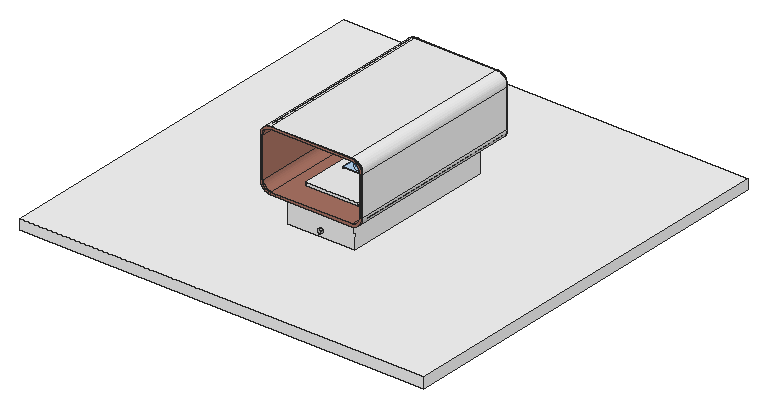
Revit family "BE_50349.6_de_DE", category Leuchten, Revit 2020
Family settings
  Basisbauteil = Fläche
  Bemaßung runder Anschluss = Durchmesser verwenden
  Teiletyp = Normal
  Beim Laden mit Abzugskörper schneiden = Ja
  Lichtquelle = Ja
  Gemeinsam genutzt = Nein
  Raumberechnungspunkt = Ja
Parameters (values of type "BEGA_50349.6_K3")
  built-in parameter 1150104 = 8.7329 (stored number, unit not read)
  Wattage = 10 W
  Default Elevation = 0 mm
  built-in parameter 1150113 = 1 (stored number, unit not read)
  built-in parameter 1114218 = 1 (stored number, unit not read)
  Umgebungstemperatur = "25 °C"
  URL = "https://www.bega.com/de/produkt/50349.6"
  Typenkommentare = "© 2022 BEGA. Wir behalten uns das Recht vor, technische Änderungen ohne vorherige Ankündigung vorzunehmen."  # constant formula
  built-in parameter 1150134 = (empty or 0)
  built-in parameter 1150109 = 1 (stored number, unit not read)
  built-in parameter 1150110 = 1 (stored number, unit not read)
  Spannung = 230 V
  Sonderanfertigung = no
  Seriennummer [instance] = "Hier können Sie die eindeutige Seriennummer für das Facility Management eintragen."
  Schutzklasse = "I"
  Scheinlast = 0 VA
  Produktdatenblatt = "https://cdn.bega.com/bega/products/50349.6K3/current/documents/data-sheets/de"
  Neigungswinkel = 0.00°
  Modell = "50349.6K3"
  Material_34 = BEGA_Oberfläche_Samtweiss_matt
  Material_29 = BEGA_Oberfläche_Kupfer_matt
  Material_17 = BEGA_Reflektor
  Material_15 = BEGA_Leuchtmedium_matt
  Material_13 = BEGA_Kunststoff_matt
  Material_08 = BEGA_Oberfläche_Stahl_verzinkt
  Material_06 = BEGA_Oberfläche_Edelstahl_gebürstet
  Material_03 = BEGA_Oberfläche_Weiss_matt
  M_W = no
  M_G = no
  M_A = no
  Logo = 0
  built-in parameter 1114217 = 1 (stored number, unit not read)
  built-in parameter 1150139 = (empty or 0)
  built-in parameter 1150105 = 74.803 (stored number, unit not read)
  built-in parameter 1150114 = 1 (stored number, unit not read)
  Lumens = 940 lm
  built-in parameter 1150115 = 1 (stored number, unit not read)
  Leuchtenlichtstrom = "168 lm"
  Lebensdauerkriterien = "L70B50 @ 25 °C = 90000 h"
  Lastklassifizierung = Beleuchtung
  built-in parameter 1150112 = 1 (stored number, unit not read)
  Lampenlichtstrom = "940 lm"
  Lampe = "LED 10 W"
  LED_Modulbezeichnung = "LED-0607/930"
  Hersteller = "BEGA"  # constant formula
  Gewicht = "0.65 kg"
  Frequenz = "50/60 Hz"
  Farbwiedergabeindex = "CRI > 90"
  Farbtemperaturverschiebung bei Dämpfen der Lampe = <Keine Auswahl>
  Farbtemperatur = "3000 K"
  Color Filter = 16777215
  built-in parameter 1150133 = 10 (stored number, unit not read)
  Energieeffizienzklasse = "LED A++ - A"
  built-in parameter 1150137 = (empty or 0)
  built-in parameter 1150132 = (empty or 0)
  ENEC = "ja"
  Dimmbar [instance] = "on/off"
  Datei für fotometrisches Netz = "BE_50349-6K3.ies"
  CE_Konformität = "ja"
  Bestellnummer = "50349.6K3"
  Beschreibung_Sonderanfertigung = "Hier können Sie Informationen zur Sonderanfertigung eintragen."
  Beschreibung = "Wandleuchte"
  built-in parameter 1150106 = 0.74803 (stored number, unit not read)
  Befestigungsbohrung = "Ø 4,5 mm"
  Befestigungsabstand = "90 x 38 mm"
  BEGA_Intern_aus = yes
  BEGA_Intern_an = yes
  BEGA_Intern_Konstruktion = yes
  BEGA_Intern = yes
  BEGA_IES = yes
  BEGA_Dummy = no
  Anschlussleistung [instance] = "10 W"
  built-in parameter 1150107 = 3000 (stored number, unit not read)
  built-in parameter 1150102 = (empty or 0)
  built-in parameter 1150138 = (empty or 0)
  Aktualisierung = "2022-12-21T04:00:03"
  AC/DC = "AC"
Reference planes
  plane 1 "Mitte (Vorne/Hinten)": y = 0
  plane 2: z = 0
  plane 3 "Mitte (Links/Rechts)": x = 0
  plane 4 "Links": x = -50.003
  plane 5 "Rechts": x = 50.003
  plane 6 "Unten": y = -90
  plane 7 "Oben": y = 90
  plane 8 "Vorne": z = 88.999
  plane 9 "Hinten": z = 0
Forms (mm)
  Extrusion 1, solid, material "BEGA_Platte_Weiss"
    sketch origin (0, -1119.2, 0) x (1, 0, 0) y (0, 1, 0)
      loop
        line (-200, 1319.2) -> (-200, 919.2) -> (200, 919.2) -> (200, 1319.2) -> (-200, 1319.2)
    from 0 to -10
  Extrusion 2, solid, material "BEGA_Dummy_matt", visible <- "BEGA_Dummy"
    sketch origin (80.095, -76.023, 0) x (1, 0, 0) y (0, 1, 0)
      loop
        line (-130.098, 166.023) -> (-130.098, -13.977) -> (-30.093, -13.977) -> (-30.093, 166.023) -> (-130.098, 166.023)
    from 0 to 88.999
Dimensions and locks
  plane 1 "Mitte (Vorne/Hinten)" to Extrusion 1 = 200 mm
  aligned and locked: Extrusion 1 to plane 2
  aligned and locked: Extrusion 1 to level
Nested families
  nested 1: "BE_50349.6_Leuchte" at (0, 0, 0), type "BE_50349.6_Leuchte"
Connectors
  electrical at (0, 0, 0), driven by "Lastklassifizierung", driven by "Spannung", driven by "Scheinlast"
    settings: index 1, voltage 230 V, apparent load 0 VA, apparent load phase1 0 VA, apparent load phase2 0 VA, apparent load phase3 0 VA, power factor 1, load classification "Beleuchtung", number of poles 1, system type 31, power factor state 1, is connector primary yes, connector utility no, sub classification motor no, connector description ""
Definition of nested family "BE_50349.6_Leuchte"
  Parameters (values of type "BE_50349.6_Leuchte")
    Default Elevation = 1 mm
    URL = "http://www.bega.de/de/produkt"
    Type Comments = "© 2015 BEGA. Wir behalten uns das Recht vor, technische Änderungen ohne vorherige Ankündigung vorzunehmen. "  # constant formula
    Type Image = (empty or 0)
    Neigungswinkel_um_Z2 = 0.00°
    Neigungswinkel_um_Z1 = 0.00°
    Neigungswinkel_um_Y2 = 0.00°
    Neigungswinkel_um_Y1 = 0.00°
    Neigungswinkel_um_X2 = 0.00°
    Neigungswinkel_um_X1 = 0.00°
    Material_34 = none
    Material_29 = none
    Material_17 = none
    Material_15 = none
    Material_13 = none
    Material_08 = none
    Material_06 = none
    Material_03 = none
    M_W = yes
    M_G = yes
    M_A = yes
    Länge_Platte = 200 mm  # constant formula
    Höhe_Platte = -10 mm  # constant formula
    Manufacturer = "BEGA"  # constant formula
    Drehwinkel_um_Z2 = 0.00°
    Drehwinkel_um_Z1 = 0.00°
    Breite_Platte = 350 mm  # constant formula
  Reference planes
    plane 1 "Mitte (Oben/Unten)": y = 0
    plane 2: z = 0
    plane 3 "Mitte (Links/Rechts)": x = 0
    plane 4: x = -50.003
    plane 5: z = 88.999
    plane 6: x = 50.003
    plane 7: y = -90
    plane 8: y = 90
  Forms (mm)
    Extrusion 1, solid, detail levels medium
      sketch origin (0, 0, 0) x (1, 0, 0) y (0, 1, 0)
        loop
          line (-100, 175) -> (-100, -175) -> (100, -175) -> (100, 175) -> (-100, 175)
      from 0 to -10 <- "Höhe_Platte"
    Extrusion 2, solid, material <- "Material_34", detail levels medium+fine
      sketch origin (0, 0, 0) x (1, 0, 0) y (0, 0, 1)
        loop
          line (-33, 0) -> (-30, 0) -> (-29.11, 25.5) -> (29.11, 25.5) -> (30, 0) -> (33, 0) -> (32.494, 29) -> (-32.494, 29) -> (-33, 0)
      from -77.472 to 77.461
    Extrusion 3, solid, material <- "Material_34", detail levels medium+fine
      sketch origin (0, 0, 0) x (1, 0, 0) y (0, 0, 1)
        loop
          line (-32.494, 29) -> (-33, 0) -> (33, 0) -> (32.494, 29) -> (-32.494, 29)
      from 72.594 to 77.461
    Revolve 4, solid, material <- "Material_06", detail levels fine
      sketch origin (0, 0, 0) x (0, 1, 0) y (0, 0, 1)
        loop
          line (-79.5, 8) -> (-79.5, 6) -> (-65.557, 6) -> (-67, 8.5) -> (-76.888, 8.5) -> (-77.551, 8) -> (-79.5, 8)
        axis (-79.5, 6) -> (-65.557, 6)
      angle from 0 to 360
    Extrusion 5, void
      sketch origin (0, 0, 0) x (0, 1, 0) y (0, 0, 1)
        loop
          line (-64.955, 28.8) -> (32, 28.8) -> (32, 36.628) -> (-64.955, 36.628) -> (-64.955, 28.8)
      from -18.781 to 18.7
    Extrusion 6, solid, material <- "Material_03", detail levels medium+fine
      sketch origin (0, 0, 0) x (1, 0, 0) y (0, 1, 0)
        loop
          arc (-25.175, 31.174) -> (-25.884, 30.88) -> (-26.174, 30.169) r 1
          line (-26.174, 30.169) -> (-26.174, -63.169)
          arc (-26.174, -63.169) -> (-25.884, -63.88) -> (-25.175, -64.174) r 1
          line (-25.175, -64.174) -> (25.175, -64.174)
          arc (25.175, -64.174) -> (25.884, -63.88) -> (26.174, -63.169) r 1
          line (26.174, -63.169) -> (26.174, 30.169)
          arc (26.174, 30.169) -> (25.884, 30.88) -> (25.175, 31.174) r 1
          line (25.175, 31.174) -> (-25.175, 31.174)
      from 29 to 33.659
    Revolve 7, solid, material <- "Material_13", detail levels medium+fine
      sketch origin (0, 0, 0) x (1, 0, 0) y (0, 0, 1)
        loop
          arc (0, 53.1) -> (-1.403, 53.04) -> (-2.796, 52.861) r 16.458
          arc (-2.796, 52.861) -> (-10.16, 49.425) -> (-14.774, 42.736) r 15.5
          arc (-14.774, 42.736) -> (-15.878, 38.48) -> (-16.25, 34.1) r 26.067
          line (-16.25, 34.1) -> (16.25, 34.1)
          arc (16.25, 34.1) -> (15.878, 38.48) -> (14.774, 42.736) r 26.067
          arc (14.774, 42.736) -> (10.16, 49.425) -> (2.796, 52.861) r 15.5
          arc (2.796, 52.861) -> (1.403, 53.04) -> (0, 53.1) r 16.458
        axis (-16.25, 22.6) -> (16.25, 22.6)
      angle from -90 to 90
    Extrusion 8, void
      sketch origin (0, 0, 0) x (1, 0, 0) y (0, 0, 1)
        loop
          line (-17.179, 34.1) -> (-17.179, 21.958) -> (17.732, 21.958) -> (17.732, 34.1) -> (-17.179, 34.1)
      from -33.074 to 32.529
    Extrusion 9, solid, material <- "Material_13", detail levels medium+fine
      sketch origin (0, 0, 0) x (1, 0, 0) y (0, 1, 0)
        loop
          line (15.275, 29.714) -> (-15.273, 29.714)
          arc (-15.273, 29.714) -> (-16.848, 29.155) -> (-17.714, 27.726) r 2.489
          line (-17.714, 27.726) -> (-17.714, -27.725)
          arc (-17.714, -27.725) -> (-16.849, -29.154) -> (-15.275, -29.714) r 2.489
          line (-15.275, -29.714) -> (15.273, -29.714)
          arc (15.273, -29.714) -> (16.848, -29.155) -> (17.714, -27.725) r 2.489
          line (17.714, -27.725) -> (17.714, 27.725)
          arc (17.714, 27.725) -> (16.849, 29.154) -> (15.275, 29.714) r 2.489
      from 33.9 to 34.723
    Extrusion 10, solid, material <- "Material_15", detail levels medium+fine
      sketch origin (0, 0, 0) x (1, 0, 0) y (0, 1, 0)
        loop
          line (-12.286, 19.048) -> (-12.286, -19.776) -> (12.491, -19.776) -> (12.491, 19.048) -> (-12.286, 19.048)
      from 31.843 to 33.9
    Extrusion 11, solid, material <- "Material_08", detail levels medium+fine
      sketch origin (0, 0, 0) x (0, 1, 0) y (0, 0, 1)
        loop
          line (-68.164, 9.636) -> (-62.614, 4.086)
          arc (-62.614, 4.086) -> (-61.965, 3.652) -> (-61.2, 3.5) r 2
          line (-61.2, 3.5) -> (66.8, 3.5)
          arc (66.8, 3.5) -> (67.561, 3.651) -> (68.208, 4.08) r 2
          line (68.208, 4.08) -> (73.174, 9.045) -> (71.75, 10.45) -> (66.8, 5.5) -> (-61.2, 5.5) -> (-66.75, 11.05) -> (-68.164, 9.636)
      from -27.928 to 28.002
    Extrusion 12, void
      sketch origin (0, 0, 0) x (1, 0, 0) y (0, 1, 0)
        loop
          arc (20.75, 46.05) -> (23, 48.3) -> (20.75, 50.55) r 2.25
          line (20.75, 50.55) -> (17.25, 50.55)
          arc (17.25, 50.55) -> (15, 48.3) -> (17.25, 46.05) r 2.25
          line (17.25, 46.05) -> (20.75, 46.05)
        loop
          line (7, 42.3) -> (-7, 42.3)
          arc (-7, 42.3) -> (-12.5, 36.8) -> (-7, 31.3) r 5.5
          line (-7, 31.3) -> (7, 31.3)
          arc (7, 31.3) -> (12.5, 36.8) -> (7, 42.3) r 5.5
        loop
          arc (-21.25, -42.95) -> (-19, -45.2) -> (-16.75, -42.95) r 2.25
          line (-16.75, -42.95) -> (-16.75, -39.45)
          arc (-16.75, -39.45) -> (-19, -37.2) -> (-21.25, -39.45) r 2.25
          line (-21.25, -39.45) -> (-21.25, -42.95)
      from 0 to 7
    Extrusion 13, solid, material <- "Material_34", detail levels medium+fine
      sketch origin (0, 0, 0) x (1, 0, 0) y (0, 0, -1)
        loop
          line (-32.494, -29) -> (32.494, -29) -> (33, 0) -> (-33, 0) -> (-32.494, -29)
      from 72.594 to 77.472
    Extrusion 14, solid, material <- "Material_29", detail levels medium+fine
      sketch origin (0, 0, 0) x (1, 0, 0) y (0, 0, -1)
        loop
          line (-40.004, -88.999) -> (40.085, -88.999)
          arc (40.085, -88.999) -> (47.602, -85.594) -> (50, -77.698) r 10
          line (50, -77.698) -> (50, -39)
          arc (50, -39) -> (47.071, -31.929) -> (40, -29) r 10
          line (40, -29) -> (-40.161, -29)
          arc (-40.161, -29) -> (-47.13, -31.985) -> (-50.003, -39) r 10.001
          line (-50.003, -39) -> (-50.003, -79.001)
          arc (-50.003, -79.001) -> (-47.074, -86.071) -> (-40.004, -88.999) r 9.998
        loop
          arc (-47.998, -78.999) -> (-45.654, -84.658) -> (-39.996, -87.001) r 8.002
          line (-39.996, -87.001) -> (40, -87)
          arc (40, -87) -> (45.657, -84.657) -> (48, -79) r 8
          line (48, -79) -> (48, -39)
          arc (48, -39) -> (45.657, -33.343) -> (40, -31) r 8
          line (40, -31) -> (-40, -31)
          arc (-40, -31) -> (-45.722, -33.409) -> (-47.998, -39.185) r 8
          line (-47.998, -39.185) -> (-47.998, -78.999)
      from 89.2 to 90
    Extrusion 15, solid, material <- "Material_29", detail levels medium+fine
      sketch origin (0, 0, 0) x (1, 0, 0) y (0, 0, 1)
        loop
          arc (-40.004, 88.999) -> (-47.074, 86.071) -> (-50.003, 79.001) r 9.998
          line (-50.003, 79.001) -> (-50.003, 39)
          arc (-50.003, 39) -> (-47.13, 31.985) -> (-40.161, 29) r 10.001
          line (-40.161, 29) -> (40, 29)
          arc (40, 29) -> (47.071, 31.929) -> (50, 39) r 10
          line (50, 39) -> (50, 77.698)
          arc (50, 77.698) -> (47.602, 85.594) -> (40.085, 88.999) r 10
          line (40.085, 88.999) -> (-40.004, 88.999)
        loop
          line (-47.998, 78.999) -> (-47.998, 39.185)
          arc (-47.998, 39.185) -> (-45.722, 33.409) -> (-40, 31) r 8
          line (-40, 31) -> (40, 31)
          arc (40, 31) -> (45.657, 33.343) -> (48, 39) r 8
          line (48, 39) -> (48, 79)
          arc (48, 79) -> (45.657, 84.657) -> (40, 87) r 8
          line (40, 87) -> (-39.996, 87.001)
          arc (-39.996, 87.001) -> (-45.654, 84.658) -> (-47.998, 78.999) r 8.002
      from 89.2 to 90
    Extrusion 16, solid, material <- "Material_29", detail levels medium+fine
      sketch origin (0, -90, 0) x (1, 0, 0) y (0, 0, 1)
        loop
          arc (-39.996, 87.001) -> (-45.654, 84.658) -> (-47.998, 78.999) r 8.002
          line (-47.998, 78.999) -> (-47.998, 39.185)
          arc (-47.998, 39.185) -> (-45.722, 33.409) -> (-40, 31) r 8
          line (-40, 31) -> (40, 31)
          arc (40, 31) -> (45.657, 33.343) -> (48, 39) r 8
          line (48, 39) -> (48, 79)
          arc (48, 79) -> (45.657, 84.657) -> (40, 87.001) r 8
          line (40, 87.001) -> (-39.996, 87.001)
        loop
          line (-48.898, 78.999) -> (-48.898, 39.195)
          arc (-48.898, 39.195) -> (-46.362, 32.776) -> (-40, 30.1) r 8.9
          line (-40, 30.1) -> (40, 30.1)
          arc (40, 30.1) -> (46.293, 32.707) -> (48.9, 39) r 8.9
          line (48.9, 39) -> (48.9, 79.184)
          arc (48.9, 79.184) -> (46.229, 85.359) -> (40, 87.901) r 8.902
          line (40, 87.901) -> (-39.996, 87.901)
          arc (-39.996, 87.901) -> (-46.291, 85.294) -> (-48.898, 78.999) r 8.902
      from -0.8 to -179.2
    Extrusion 17, solid, material <- "Material_34", detail levels medium+fine
      sketch origin (0, 0, 0) x (1, 0, 0) y (0, 0, 1)
        loop
          arc (-39.996, 87.901) -> (-46.291, 85.294) -> (-48.898, 78.999) r 8.902
          line (-48.898, 78.999) -> (-48.898, 39.195)
          arc (-48.898, 39.195) -> (-46.362, 32.776) -> (-40, 30.1) r 8.9
          line (-40, 30.1) -> (40, 30.1)
          arc (40, 30.1) -> (46.293, 32.707) -> (48.9, 39) r 8.9
          line (48.9, 39) -> (48.9, 79.184)
          arc (48.9, 79.184) -> (46.229, 85.359) -> (40, 87.901) r 8.902
          line (40, 87.901) -> (-39.996, 87.901)
        loop
          line (40.085, 88.999) -> (-40.004, 88.999)
          arc (-40.004, 88.999) -> (-47.074, 86.071) -> (-50.003, 79.001) r 9.998
          line (-50.003, 79.001) -> (-50.003, 39)
          arc (-50.003, 39) -> (-47.13, 31.985) -> (-40.161, 29) r 10.001
          line (-40.161, 29) -> (40, 29)
          arc (40, 29) -> (47.071, 31.929) -> (50, 39) r 10
          line (50, 39) -> (50, 77.698)
          arc (50, 77.698) -> (47.602, 85.594) -> (40.085, 88.999) r 10
      from -89.2 to 89.2
    Extrusion 18, solid, material <- "Material_17", detail levels medium+fine
      sketch origin (0, 0, 0) x (1, 0, 0) y (0, 0, 1)
        loop
          line (-41.5, 86.25) -> (41.505, 86.25) -> (41.505, 87.069) -> (-41.5, 87.069) -> (-41.5, 86.25)
      from -50.012 to 49.996
  Cuts and joins
    Extrusion 5 cuts Extrusion 2
    Extrusion 5, Extrusion 8 cuts Extrusion 3
    joined: Extrusion 2, Extrusion 3, Extrusion 13
    Extrusion 8 cuts Revolve 7
    joined: Revolve 7, Extrusion 9
    Extrusion 12 cuts Extrusion 11
    joined: Extrusion 14, Extrusion 15, Extrusion 16
  Dimensions and locks
    equal spacing: Extrusion 1 sketch curve, plane 3 "Mitte (Links/Rechts)", Extrusion 1 sketch curve
    equal spacing: Extrusion 1 sketch curve, plane 1 "Mitte (Oben/Unten)", Extrusion 1 sketch curve
    "Länge_Platte": Extrusion 1 sketch curve to Extrusion 1 sketch curve
    "Breite_Platte": Extrusion 1 sketch curve to Extrusion 1 sketch curve
    aligned and locked: Extrusion 1 to plane 2
    aligned and locked: Extrusion 1 to level
  Automatic sketch dimensions
    Extrusion 2 sketch curve to level = 0 mm  (x2)
    Extrusion 2 sketch curve to Extrusion 2 sketch curve = 3 mm  (x2)
    Extrusion 2 sketch curve to Extrusion 2 sketch curve = 3.384 mm  (x2)
    level to Extrusion 2 sketch curve = 25.5 mm
    Extrusion 2 sketch curve to Extrusion 2 sketch curve = 3.5 mm
    Extrusion 3 sketch curve to level = 0 mm
    level to Extrusion 3 sketch curve = 29 mm
    level to Revolve 4 sketch curve = 8 mm
    Revolve 4 sketch curve to Revolve 4 sketch curve = 1.949 mm
    level to Revolve 4 sketch curve = 8.5 mm
    Revolve 4 sketch curve to Revolve 4 sketch curve = 0.664 mm
    Revolve 4 sketch curve to Revolve 4 sketch curve = 9.888 mm
    level to Revolve 4 sketch curve = 6 mm
    Revolve 4 sketch curve to Revolve 4 sketch curve = 1.443 mm
    Revolve 4 sketch curve to Revolve 4 sketch curve = 1.228 mm
    Revolve 4 sketch curve to Revolve 4 sketch curve = 0 mm  (x2)
    Extrusion 5 sketch curve to plane 1 "Mitte (Oben/Unten)" = 32 mm
    level to Extrusion 5 sketch curve = 28.8 mm
    Extrusion 5 sketch curve to Extrusion 5 sketch curve = 7.828 mm
    Revolve 7 sketch curve to plane 3 "Mitte (Links/Rechts)" = 16.25 mm
    Revolve 7 sketch curve to Revolve 7 sketch curve = 6.434 mm  (x2)
    Revolve 7 sketch curve to plane 3 "Mitte (Links/Rechts)" = 0.154 mm
    Revolve 7 sketch curve to plane 3 "Mitte (Links/Rechts)" = 0.001 mm
    plane 3 "Mitte (Links/Rechts)" to Revolve 7 sketch curve = 0.001 mm
    plane 3 "Mitte (Links/Rechts)" to Revolve 7 sketch curve = 0.154 mm
    plane 3 "Mitte (Links/Rechts)" to Revolve 7 sketch curve = 9.816 mm
    level to Revolve 7 sketch curve = 34.088 mm
    Revolve 7 sketch curve to Revolve 7 sketch curve = 0 mm  (x6)
    Revolve 7 sketch curve to Revolve 7 sketch curve = 0.012 mm
    Revolve 7 sketch curve to Revolve 7 sketch curve = 2.554 mm
    Revolve 7 sketch curve to Revolve 7 sketch curve = 0.945 mm
    Revolve 7 sketch curve to Revolve 7 sketch curve = 1.476 mm  (x2)
    Revolve 7 sketch curve to plane 3 "Mitte (Links/Rechts)" = 2.796 mm
    Revolve 7 sketch curve to plane 3 "Mitte (Links/Rechts)" = 0 mm  (x2)
    plane 3 "Mitte (Links/Rechts)" to Revolve 7 sketch curve = 2.796 mm
    plane 3 "Mitte (Links/Rechts)" to Revolve 7 sketch curve = 5.672 mm
    Revolve 7 sketch curve to Revolve 7 sketch curve = 11.488 mm
    Extrusion 8 sketch curve to plane 3 "Mitte (Links/Rechts)" = 17.179 mm
    plane 3 "Mitte (Links/Rechts)" to Extrusion 8 sketch curve = 17.732 mm
    level to Extrusion 8 sketch curve = 21.959 mm
    Extrusion 8 sketch curve to Extrusion 8 sketch curve = 12.142 mm
    Extrusion 9 sketch curve to plane 3 "Mitte (Links/Rechts)" = 17.714 mm
    Extrusion 9 sketch curve to Extrusion 9 sketch curve = 2.438 mm  (x3)
    Extrusion 9 sketch curve to Extrusion 9 sketch curve = 0.003 mm  (x2)
    plane 3 "Mitte (Links/Rechts)" to Extrusion 9 sketch curve = 15.273 mm
    plane 3 "Mitte (Links/Rechts)" to Extrusion 9 sketch curve = 15.276 mm
    plane 1 "Mitte (Oben/Unten)" to Extrusion 9 sketch curve = 29.714 mm
    Extrusion 9 sketch curve to Extrusion 9 sketch curve = 1.988 mm  (x2)
    Extrusion 9 sketch curve to Extrusion 9 sketch curve = 0.501 mm  (x3)
    Extrusion 9 sketch curve to plane 1 "Mitte (Oben/Unten)" = 27.225 mm  (x2)
    Extrusion 9 sketch curve to Extrusion 9 sketch curve = 0 mm  (x4)
    Extrusion 10 sketch curve to plane 3 "Mitte (Links/Rechts)" = 12.286 mm
    plane 3 "Mitte (Links/Rechts)" to Extrusion 10 sketch curve = 12.491 mm
    plane 1 "Mitte (Oben/Unten)" to Extrusion 10 sketch curve = 19.776 mm
    Extrusion 10 sketch curve to plane 1 "Mitte (Oben/Unten)" = 19.048 mm
    level to Extrusion 11 sketch curve = 9.636 mm
    level to Extrusion 11 sketch curve = 11.05 mm
    Extrusion 11 sketch curve to Extrusion 11 sketch curve = 1.414 mm  (x2)
    level to Extrusion 11 sketch curve = 3.5 mm
    Extrusion 11 sketch curve to Extrusion 11 sketch curve = 6.964 mm
    level to Extrusion 11 sketch curve = 5.5 mm
    Extrusion 11 sketch curve to Extrusion 11 sketch curve = 0 mm  (x3)
    level to Extrusion 11 sketch curve = 4.08 mm
    Extrusion 11 sketch curve to Extrusion 11 sketch curve = 1.408 mm
    level to Extrusion 11 sketch curve = 10.45 mm
    Extrusion 11 sketch curve to Extrusion 11 sketch curve = 4.95 mm
    level to Extrusion 11 sketch curve = 9.045 mm
    Extrusion 11 sketch curve to Extrusion 11 sketch curve = 1.424 mm
    level to Extrusion 11 sketch curve = 4.086 mm
    Extrusion 12 sketch curve to Extrusion 12 sketch curve = 2.25 mm  (x2)
    Extrusion 12 sketch curve to plane 3 "Mitte (Links/Rechts)" = 7 mm
    plane 3 "Mitte (Links/Rechts)" to Extrusion 12 sketch curve = 7 mm
    Extrusion 12 sketch curve to Extrusion 12 sketch curve = 10.25 mm
    Extrusion 12 sketch curve to Extrusion 12 sketch curve = 3.5 mm  (x2)
    plane 1 "Mitte (Oben/Unten)" to Extrusion 12 sketch curve = 42.95 mm
    Extrusion 12 sketch curve to plane 1 "Mitte (Oben/Unten)" = 31.3 mm
    Extrusion 12 sketch curve to Extrusion 12 sketch curve = 5.5 mm
    Extrusion 12 sketch curve to Extrusion 12 sketch curve = 3.75 mm
    Extrusion 13 sketch curve to level = 0 mm
    level to Extrusion 13 sketch curve = 29 mm
    Extrusion 14 sketch curve to Extrusion 14 sketch curve = 0 mm  (x3)
    Extrusion 14 sketch curve to Extrusion 14 sketch curve = 2.005 mm
    Extrusion 14 sketch curve to Extrusion 14 sketch curve = 7.915 mm
    Extrusion 14 sketch curve to Extrusion 14 sketch curve = 2 mm
    Extrusion 14 sketch curve to Extrusion 14 sketch curve = 1.998 mm
    Extrusion 14 sketch curve to Extrusion 14 sketch curve = 8.001 mm
    Extrusion 14 sketch curve to Extrusion 14 sketch curve = 0.001 mm  (x2)
    level to Extrusion 14 sketch curve = 39.185 mm
    level to Extrusion 14 sketch curve = 39 mm
    Extrusion 15 sketch curve to Extrusion 15 sketch curve = 0 mm  (x4)
    Extrusion 15 sketch curve to Extrusion 15 sketch curve = 2.005 mm
    Extrusion 15 sketch curve to Extrusion 15 sketch curve = 7.915 mm
    Extrusion 15 sketch curve to Extrusion 15 sketch curve = 2 mm
    level to Extrusion 15 sketch curve = 29 mm
    Extrusion 15 sketch curve to Extrusion 15 sketch curve = 1.301 mm
    Extrusion 15 sketch curve to Extrusion 15 sketch curve = 0.002 mm
    Extrusion 15 sketch curve to Extrusion 15 sketch curve = 1.302 mm
    Extrusion 16 sketch curve to Extrusion 16 sketch curve = 0 mm  (x6)
    Extrusion 15 to Extrusion 16 sketch curve = 8 mm
    Extrusion 16 sketch curve to Extrusion 16 sketch curve = 0.001 mm
    Extrusion 16 sketch curve to Extrusion 16 sketch curve = 0.184 mm
    Extrusion 17 sketch curve to Extrusion 17 sketch curve = 8.902 mm
    Extrusion 17 sketch curve to Extrusion 17 sketch curve = 0.002 mm
    Extrusion 17 sketch curve to Extrusion 17 sketch curve = 1.098 mm
    level to Extrusion 17 sketch curve = 39.195 mm
    Extrusion 17 sketch curve to Extrusion 17 sketch curve = 0.195 mm  (x2)
    Extrusion 17 sketch curve to Extrusion 17 sketch curve = 8.9 mm
    Extrusion 17 sketch curve to Extrusion 17 sketch curve = 8.717 mm
    Extrusion 17 sketch curve to Extrusion 17 sketch curve = 1.486 mm
    Extrusion 6 sketch curve to Extrusion 6 sketch curve = 1 mm  (x4)
    Extrusion 6 sketch curve to Extrusion 6 sketch curve = 0.006 mm  (x5)
    Extrusion 6 sketch curve to plane 1 "Mitte (Oben/Unten)" = 30.169 mm
    Extrusion 6 sketch curve to Extrusion 6 sketch curve = 0 mm  (x3)
    plane 3 "Mitte (Links/Rechts)" to Extrusion 6 sketch curve = 25.175 mm  (x2)
    Extrusion 18 sketch curve to Extrusion 18 sketch curve = 0.819 mm
    Extrusion 2 sketch curve to plane 3 "Mitte (Links/Rechts)" = 29.11 mm
    Extrusion 2 sketch curve to Extrusion 2 sketch curve = 0.89 mm  (x2)
    Extrusion 3 sketch curve to plane 3 "Mitte (Links/Rechts)" = 32.494 mm
    Extrusion 3 sketch curve to Extrusion 3 sketch curve = 0.506 mm  (x2)
    Extrusion 6 sketch curve to plane 3 "Mitte (Links/Rechts)" = 25.175 mm
    Extrusion 12 sketch curve to plane 3 "Mitte (Links/Rechts)" = 16.75 mm
    Extrusion 13 sketch curve to plane 3 "Mitte (Links/Rechts)" = 32.494 mm
    Extrusion 13 sketch curve to Extrusion 13 sketch curve = 0.506 mm  (x2)
    Extrusion 14 sketch curve to plane 3 "Mitte (Links/Rechts)" = 39.996 mm
    Extrusion 14 sketch curve to Extrusion 14 sketch curve = 7.998 mm
    Extrusion 14 sketch curve to Extrusion 14 sketch curve = 0.008 mm
    Extrusion 14 sketch curve to Extrusion 14 sketch curve = 0.161 mm
    Extrusion 15 sketch curve to plane 3 "Mitte (Links/Rechts)" = 39.996 mm
    Extrusion 15 sketch curve to plane 3 "Mitte (Links/Rechts)" = 40 mm
    Extrusion 15 sketch curve to Extrusion 15 sketch curve = 0.001 mm
    Extrusion 15 sketch curve to Extrusion 15 sketch curve = 0.008 mm
    Extrusion 15 sketch curve to Extrusion 15 sketch curve = 0.161 mm
    Extrusion 15 sketch curve to Extrusion 15 sketch curve = 7.993 mm
    Extrusion 17 sketch curve to Extrusion 17 sketch curve = 0 mm  (x2)
    Extrusion 17 sketch curve to plane 3 "Mitte (Links/Rechts)" = 39.996 mm
    Extrusion 17 sketch curve to Extrusion 17 sketch curve = 8.898 mm
    Extrusion 17 sketch curve to Extrusion 17 sketch curve = 0.001 mm
    Extrusion 17 sketch curve to Extrusion 17 sketch curve = 0.008 mm
    Extrusion 17 sketch curve to Extrusion 17 sketch curve = 0.161 mm
    Extrusion 18 sketch curve to plane 3 "Mitte (Links/Rechts)" = 41.5 mm
    plane 3 "Mitte (Links/Rechts)" to Extrusion 2 sketch curve = 29.11 mm
    plane 3 "Mitte (Links/Rechts)" to Extrusion 3 sketch curve = 32.494 mm
    plane 3 "Mitte (Links/Rechts)" to Extrusion 13 sketch curve = 32.494 mm
    plane 3 "Mitte (Links/Rechts)" to Extrusion 14 sketch curve = 40 mm  (x2)
    Extrusion 14 sketch curve to Extrusion 14 sketch curve = 0.085 mm
    plane 3 "Mitte (Links/Rechts)" to Extrusion 15 sketch curve = 40 mm  (x2)
    Extrusion 15 sketch curve to Extrusion 15 sketch curve = 0.085 mm
    plane 3 "Mitte (Links/Rechts)" to Extrusion 17 sketch curve = 40 mm  (x2)
    Extrusion 17 sketch curve to Extrusion 17 sketch curve = 0.085 mm
    plane 3 "Mitte (Links/Rechts)" to Extrusion 18 sketch curve = 41.505 mm
    Extrusion 14 sketch curve to plane 3 "Mitte (Links/Rechts)" = 40.161 mm
    Extrusion 14 sketch curve to Extrusion 14 sketch curve = 38.698 mm
    Extrusion 15 sketch curve to Extrusion 15 sketch curve = 38.698 mm
    Extrusion 17 sketch curve to Extrusion 17 sketch curve = 38.698 mm
    level to Extrusion 18 sketch curve = 86.25 mm
    plane 1 "Mitte (Oben/Unten)" to Revolve 4 sketch curve = 79.5 mm
    plane 1 "Mitte (Oben/Unten)" to Extrusion 5 sketch curve = 64.955 mm
    plane 1 "Mitte (Oben/Unten)" to Extrusion 6 sketch curve = 63.169 mm
    plane 1 "Mitte (Oben/Unten)" to Extrusion 11 sketch curve = 61.2 mm
    Extrusion 11 sketch curve to plane 1 "Mitte (Oben/Unten)" = 66.8 mm
    radius of Extrusion 16 sketch curve to Extrusion 15 = 0 mm  (x3)
    radius of Extrusion 15 to Extrusion 16 sketch curve = 0.9 mm
